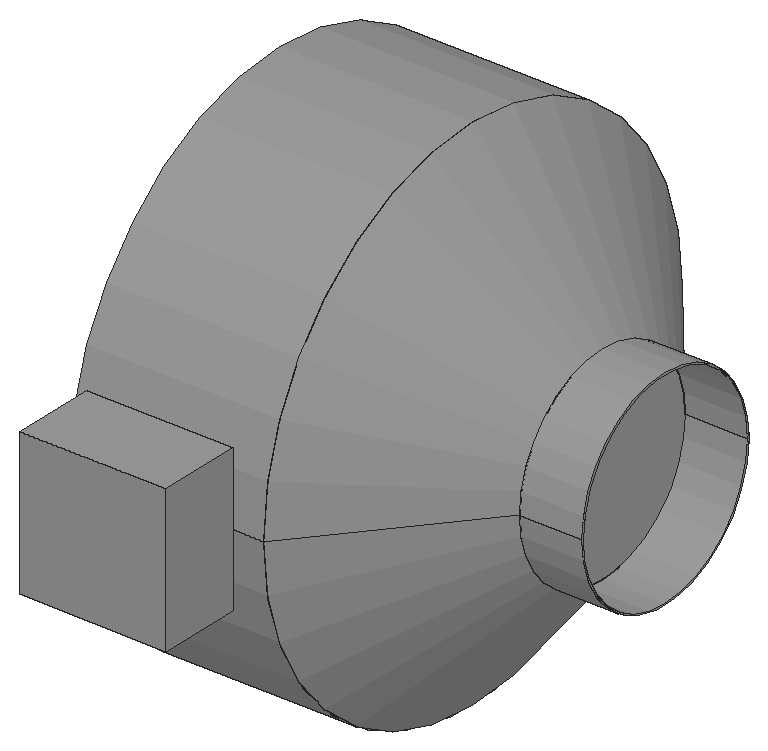
Revit family "BIMLIB_КанальныйВентилятор_CFk-MXA_CFz-MAX_TUBE_CFs_SHUFT", category Оборудование, Revit 2017
Family settings
  Размер круглого соединителя = Использовать диаметр
  Тип детали = Вставляется
  На основе рабочей плоскости = Нет
  Всегда вертикально = Да
  При загрузке вырезать с полостями = Нет
  Общий = Нет
  Точка расчета площади = Нет
Parameters (values of type "CFk 100 MAX")
  Ширина клеммной коробки = 70 mm
  Повернуть УГО [instance] = yes
  Описание = "Разъемный корпус вентиляторов серии CFk MAX изготовлен из композиционного материала с повышенными звукопоглощающими и противоударными свойствами. Вентиляторы оборудованы мотор-колесами ZIEHL-ABEGG с пластиковой или металлической крыльчаткой с загнутыми назад лопатками. Двигатель - асинхронный с внешним ротором IP44, клеммная коробка IP55. Электродвигатель с рабочим колесом статически и динамически сбалансированы в 2х плоскостях. Шариковые подшипники двигателя не требуют техобслуживания и имеют длительный срок службы. Двигатель вентилятора имеет встроенную термозащиту с автоматическим перезапуском.\r\n\r\nРегулирование скорости вентиляторов осуществляется путем изменения напряжения за счет использования пятиступенчатых трансформаторов TRE-T или однофазных плавных регуляторов скорости SRE. К одному регулятору можно подключить несколько вентиляторов при условии, что общий ток вентиляторов не превышает номинальный ток регулятора."
  Keynote = ""
  Климатическое исполнение = "У2"  # constant formula
  Клеммная коробка = yes
  Изготовитель = "ООО «Завод ВКО» марка SHUFT"  # constant formula
  Глубина клеммной коробки = 70 mm
  Model = ""
  r = R + 0.5 mm  # 50 mm
  Watermark [instance] = "Модели защищены уникальным кодом"
  URL = "http://www.shuft.ru/"
  R = D / 2  # 49.5 mm
  L = 215 mm
  IP Двигателя = "IP44"
  H = 40 mm
  R1 = D1 / 2  # 125.5 mm
  D1 = 251 mm
  D = 99 mm
  BL_Разработано = "support@bimlib.pro"  # constant formula
  BL_Email = "bimmodels@rusklimat.ru"  # constant formula
  BL_BIM library = "https://bimlib.pro/manufacturer/company/23829"
  ADSK_Частота вращения вентилятора = 2345
  ADSK_Ток = 0.29 A
  ADSK_Расход воздуха [instance] = 0.0 L/s
  ADSK_Размер_Длина = L  # 215 mm
  ADSK_Размер_Диаметр = 100 mm
  ADSK_Примечание [instance] = ""
  ADSK_Потеря давления воздуха [instance] = 0.0 Pa
  ADSK_Полная мощность = ADSK_Номинальная мощность / ADSK_Коэффициент мощности  # 0.067 kW
  ADSK_Позиция = ""
  ADSK_Обозначение = ""
  ADSK_Номинальная мощность = 0.067 kW
  ADSK_Напряжение = 230 V  # constant formula
  ADSK_Наименование = "Канальный вентилятор CFk 100 MAX"
  ADSK_Материал = BIMLIB_Сталь_SHUFT
  ADSK_Масса = 2.5
  ADSK_Марка = "CFk 100 MAX"
  ADSK_Коэффициент мощности = 1  # constant formula
  ADSK_Количество фаз = 1  # constant formula
  ADSK_Код изделия = ADSK_Марка  # "CFk 100 MAX"
  ADSK_Классификация нагрузок = Прочее
  ADSK_Завод-изготовитель = "ООО «Завод ВКО» марка SHUFT"  # constant formula
  ADSK_Единица измерения = "шт."  # constant formula
  ADSK_Версия семейства = "v.1"  # constant formula
  ADSK_Версия Revit = "2017"  # constant formula
  ADSK_URL страницы изделия = "http://www.shuft.ru/catalog/1/200/3000/100509/"
  ADSK_URL документации изделия = "http://www.shuft.ru/upload/downloads/passport-CFk-VIM_ICF-VIM_CFk-MAX.pdf"
Types (24, lengths in mm): name | Ширина клеммной коробки | Описание | Глубина клеммной коробки | r | R | L | IP Двигателя | H | R1 | D1 | D | ADSK_Частота вращения вентилятора | ADSK_Ток | ADSK_Размер_Длина | ADSK_Размер_Диаметр | ADSK_Полная мощность | ADSK_Номинальная мощность | ADSK_Наименование | ADSK_Масса | ADSK_Марка | ADSK_Код изделия | ADSK_URL страницы изделия | ADSK_URL документации изделия
  (no name) | 70 | "Разъемный корпус вентиляторов серии CFk MAX изготовлен из композиционного материала с повышенными звукопоглощающими и противоударными свойствами. Вентиляторы оборудованы мотор-колесами ZIEHL-ABEGG с пластиковой или металлической крыльчаткой с загнутыми назад лопатками. Двигатель - асинхронный с внешним ротором IP44, клеммная коробка IP55. Электродвигатель с рабочим колесом статически и динамически сбалансированы в 2х плоскостях. Шариковые подшипники двигателя не требуют техобслуживания и имеют длительный срок службы. Двигатель вентилятора имеет встроенную термозащиту с автоматическим перезапуском.\r\n\r\nРегулирование скорости вентиляторов осуществляется путем изменения напряжения за счет использования пятиступенчатых трансформаторов TRE-T или однофазных плавных регуляторов скорости SRE. К одному регулятору можно подключить несколько вентиляторов при условии, что общий ток вентиляторов не превышает номинальный ток регулятора." | 70 | 50 | 49.5 | 215 | "IP44" | 40 | 125.5 | 251 | 99 | 2345 | 0.29 A | 215 | 100 | 0.067 kW | 0.067 kW | "Канальный вентилятор CFk 100 MAX" | 2.5 | "CFk 100 MAX" | "CFk 100 MAX" | "http://www.shuft.ru/catalog/1/200/3000/100509/" | "http://www.shuft.ru/upload/downloads/passport-CFk-VIM_ICF-VIM_CFk-MAX.pdf"
  CFk 100 MAX | 70 | "Разъемный корпус вентиляторов серии CFk MAX изготовлен из композиционного материала с повышенными звукопоглощающими и противоударными свойствами. Вентиляторы оборудованы мотор-колесами ZIEHL-ABEGG с пластиковой или металлической крыльчаткой с загнутыми назад лопатками. Двигатель - асинхронный с внешним ротором IP44, клеммная коробка IP55. Электродвигатель с рабочим колесом статически и динамически сбалансированы в 2х плоскостях. Шариковые подшипники двигателя не требуют техобслуживания и имеют длительный срок службы. Двигатель вентилятора имеет встроенную термозащиту с автоматическим перезапуском.\r\n\r\nРегулирование скорости вентиляторов осуществляется путем изменения напряжения за счет использования пятиступенчатых трансформаторов TRE-T или однофазных плавных регуляторов скорости SRE. К одному регулятору можно подключить несколько вентиляторов при условии, что общий ток вентиляторов не превышает номинальный ток регулятора." | 70 | 50 | 49.5 | 215 | "IP44" | 40 | 125.5 | 251 | 99 | 2345 | 0.29 A | 215 | 100 | 0.067 kW | 0.067 kW | "Канальный вентилятор CFk 100 MAX" | 2.5 | "CFk 100 MAX" | "CFk 100 MAX" | "http://www.shuft.ru/catalog/1/200/3000/100509/" | "http://www.shuft.ru/upload/downloads/passport-CFk-VIM_ICF-VIM_CFk-MAX.pdf"
  CFk 125 MAX | 70 | "Разъемный корпус вентиляторов серии CFk MAX изготовлен из композиционного материала с повышенными звукопоглощающими и противоударными свойствами. Вентиляторы оборудованы мотор-колесами ZIEHL-ABEGG с пластиковой или металлической крыльчаткой с загнутыми назад лопатками. Двигатель - асинхронный с внешним ротором IP44, клеммная коробка IP55. Электродвигатель с рабочим колесом статически и динамически сбалансированы в 2х плоскостях. Шариковые подшипники двигателя не требуют техобслуживания и имеют длительный срок службы. Двигатель вентилятора имеет встроенную термозащиту с автоматическим перезапуском.\r\n\r\nРегулирование скорости вентиляторов осуществляется путем изменения напряжения за счет использования пятиступенчатых трансформаторов TRE-T или однофазных плавных регуляторов скорости SRE. К одному регулятору можно подключить несколько вентиляторов при условии, что общий ток вентиляторов не превышает номинальный ток регулятора." | 70 | 62.5 | 62 | 220 | "IP44" | 45 | 125.5 | 251 | 124 | 2887 | 0.32 A | 220 | 125 | 0.068 kW | 0.068 kW | "Канальный вентилятор CFk 125 MAX" | 2.5 | "CFk 125 MAX" | "CFk 125 MAX" | "http://www.shuft.ru/catalog/1/200/3000/100509/" | "http://www.shuft.ru/upload/downloads/passport-CFk-VIM_ICF-VIM_CFk-MAX.pdf"
  CFk 160 MAX | 85 | "Разъемный корпус вентиляторов серии CFk MAX изготовлен из композиционного материала с повышенными звукопоглощающими и противоударными свойствами. Вентиляторы оборудованы мотор-колесами ZIEHL-ABEGG с пластиковой или металлической крыльчаткой с загнутыми назад лопатками. Двигатель - асинхронный с внешним ротором IP44, клеммная коробка IP55. Электродвигатель с рабочим колесом статически и динамически сбалансированы в 2х плоскостях. Шариковые подшипники двигателя не требуют техобслуживания и имеют длительный срок службы. Двигатель вентилятора имеет встроенную термозащиту с автоматическим перезапуском.\r\n\r\nРегулирование скорости вентиляторов осуществляется путем изменения напряжения за счет использования пятиступенчатых трансформаторов TRE-T или однофазных плавных регуляторов скорости SRE. К одному регулятору можно подключить несколько вентиляторов при условии, что общий ток вентиляторов не превышает номинальный ток регулятора." | 85 | 80 | 79.5 | 229 | "IP44" | 45 | 172.5 | 345 | 159 | 2533 | 0.43 A | 229 | 160 | 0.1 kW | 0.1 kW | "Канальный вентилятор CFk 160 MAX" | 4.4 | "CFk 160 MAX" | "CFk 160 MAX" | "http://www.shuft.ru/catalog/1/200/3000/100509/" | "http://www.shuft.ru/upload/downloads/passport-CFk-VIM_ICF-VIM_CFk-MAX.pdf"
  CFk 200 MAX | 85 | "Разъемный корпус вентиляторов серии CFk MAX изготовлен из композиционного материала с повышенными звукопоглощающими и противоударными свойствами. Вентиляторы оборудованы мотор-колесами ZIEHL-ABEGG с пластиковой или металлической крыльчаткой с загнутыми назад лопатками. Двигатель - асинхронный с внешним ротором IP44, клеммная коробка IP55. Электродвигатель с рабочим колесом статически и динамически сбалансированы в 2х плоскостях. Шариковые подшипники двигателя не требуют техобслуживания и имеют длительный срок службы. Двигатель вентилятора имеет встроенную термозащиту с автоматическим перезапуском.\r\n\r\nРегулирование скорости вентиляторов осуществляется путем изменения напряжения за счет использования пятиступенчатых трансформаторов TRE-T или однофазных плавных регуляторов скорости SRE. К одному регулятору можно подключить несколько вентиляторов при условии, что общий ток вентиляторов не превышает номинальный ток регулятора." | 85 | 100 | 99.5 | 250 | "IP44" | 45 | 172.5 | 345 | 199 | 2642 | 0.58 A | 250 | 200 | 0.123 kW | 0.123 kW | "Канальный вентилятор CFk 200 MAX" | 4.5 | "CFk 200 MAX" | "CFk 200 MAX" | "http://www.shuft.ru/catalog/1/200/3000/100509/" | "http://www.shuft.ru/upload/downloads/passport-CFk-VIM_ICF-VIM_CFk-MAX.pdf"
  CFk 250 MAX | 85 | "Разъемный корпус вентиляторов серии CFk MAX изготовлен из композиционного материала с повышенными звукопоглощающими и противоударными свойствами. Вентиляторы оборудованы мотор-колесами ZIEHL-ABEGG с пластиковой или металлической крыльчаткой с загнутыми назад лопатками. Двигатель - асинхронный с внешним ротором IP44, клеммная коробка IP55. Электродвигатель с рабочим колесом статически и динамически сбалансированы в 2х плоскостях. Шариковые подшипники двигателя не требуют техобслуживания и имеют длительный срок службы. Двигатель вентилятора имеет встроенную термозащиту с автоматическим перезапуском.\r\n\r\nРегулирование скорости вентиляторов осуществляется путем изменения напряжения за счет использования пятиступенчатых трансформаторов TRE-T или однофазных плавных регуляторов скорости SRE. К одному регулятору можно подключить несколько вентиляторов при условии, что общий ток вентиляторов не превышает номинальный ток регулятора." | 85 | 125 | 124.5 | 250 | "IP44" | 45 | 172.5 | 345 | 249 | 2580 | 0.75 A | 250 | 250 | 0.172 kW | 0.172 kW | "Канальный вентилятор CFk 250 MAX" | 5.3 | "CFk 250 MAX" | "CFk 250 MAX" | "http://www.shuft.ru/catalog/1/200/3000/100509/" | "http://www.shuft.ru/upload/downloads/passport-CFk-VIM_ICF-VIM_CFk-MAX.pdf"
  CFk 315 MAX | 85 | "Разъемный корпус вентиляторов серии CFk MAX изготовлен из композиционного материала с повышенными звукопоглощающими и противоударными свойствами. Вентиляторы оборудованы мотор-колесами ZIEHL-ABEGG с пластиковой или металлической крыльчаткой с загнутыми назад лопатками. Двигатель - асинхронный с внешним ротором IP44, клеммная коробка IP55. Электродвигатель с рабочим колесом статически и динамически сбалансированы в 2х плоскостях. Шариковые подшипники двигателя не требуют техобслуживания и имеют длительный срок службы. Двигатель вентилятора имеет встроенную термозащиту с автоматическим перезапуском.\r\n\r\nРегулирование скорости вентиляторов осуществляется путем изменения напряжения за счет использования пятиступенчатых трансформаторов TRE-T или однофазных плавных регуляторов скорости SRE. К одному регулятору можно подключить несколько вентиляторов при условии, что общий ток вентиляторов не превышает номинальный ток регулятора." | 85 | 157.5 | 157 | 284 | "IP44" | 45 | 202.5 | 405 | 314 | 2402 | 1.13 A | 284 | 315 | 0.258 kW | 0.258 kW | "Канальный вентилятор CFk 315 MAX" | 5.8 | "CFk 315 MAX" | "CFk 315 MAX" | "http://www.shuft.ru/catalog/1/200/3000/100509/" | "http://www.shuft.ru/upload/downloads/passport-CFk-VIM_ICF-VIM_CFk-MAX.pdf"
  CFz 100 MAX | 70 | "Назначение: Вытяжная и приточная вентиляция. Применение: Помещения бытового, общественного административного, промышленного назначения. Конструкция и материалы: Разъемный корпус из оцинкованной стали; Крыльчатка с загнутыми назад лопатками; Двигатели с внешним ротором; Электродвигатель с рабочим колесом статически и динамически сбалансированы в двух плоскостях; Шариковые подшипники двигателя не требуют специального обслуживания. Регулирование производительности: по сигналу 0-10В; установка скорости встроенным триммером или с помощью внешнего регулятора(опция). Монтаж: В любом положении. Преимущества: Энергоэффективный EC-двигатель Ziehl-Abegg; Встроенный триммер установки скорости; Стойкий к коррозии стальной корпус изготовлен по технологии ротационной вытяжки; Вентилятор, подключенный к воздуховоду, может быть установлен снаружи или во влажном помещении." | 70 | 50 | 49.5 | 215 | "IP54" | 45 | 125.5 | 251 | 99 | 3570 | 0.9 A | 215 | 100 | 0.09 kW | 0.09 kW | "Канальный вентилятор CFz 100 MAX" | 3.1 | "CFz 100 MAX" | "CFz 100 MAX" | "http://www.shuft.ru/catalog/1/200/3000/101660/" | "http://www.shuft.ru/documentation/"
  TUBE 100XL | 70 | "Стойкий к коррозии стальной корпус вентиляторов серии TUBE изготовлен по технологии ротационной вытяжки. Вентиляторы оборудованы высокоэффективной крыльчаткой с назад загнутыми лопатками и асинхронным двигателем с внешним ротором IP44, клеммная коробка IP44. Рабочее колесо установлено методом напрессовки непосредственно на ротор электродвигателя. Электродвигатель с рабочим колесом статически и динамически сбалансированы. Шариковые подшипники двигателя не требуют техобслуживания. Двигатели имеют встроенное термореле с автоматическим перезапуском. Регулирование скорости вентиляторов осуществляется путем изменения напряжения за счет использования пятиступенчатых трансформаторов TR или однофазных палвных регуляторов скорости SRE. К одному регулятору можно подключить несколько вентиляторов при условии, что общий ток вентиляторов не превышает номинальный ток регулятора." | 70 | 50 | 49.5 | 215 | "IP44" | 45 | 125.5 | 251 | 99 | 2380 | 0.26 A | 215 | 100 | 0.059 kW | 0.059 kW | "Канальный вентилятор TUBE 100XL" | 3.2 | "TUBE 100XL" | "TUBE 100XL" | "http://www.shuft.ru/catalog/1/200/3000/4002/" | "http://www.shuft.ru/upload/downloads/passport-CFs_TUBE_CFk-VIM_CFk%20MAX_ICF-VIM.pdf"
  CFs 100S | 70 | "Корпус вентиляторов серии CFs изготовлен из холоднокатаной стали с защитным покрытием. Вентиляторы оборудованы мотор-колесами ZIEHL-ABEGG с пластиковой или металлической крыльчаткой с загнутыми назад лопатками. Двигатель - асинхронный с внешним ротором IP44, клеммная коробка IP55. Электродвигатель с рабочим колесом статически и динамически сбалансированы в 2х плоскостях. Шариковые подшипники двигателя не требуют техобслуживания и имеют длительный срок службы. Двигатель вентилятора имеет встроеннуютермозащиту с автоматическим перезапуском.\r\n\r\nРегулирование скорости вентиляторов осуществляется путем изменения напряжения за счет использования пятиступенчатых трансформаторов TRE-T или однофазных плавных регуляторов скорости SRE. К одному регулятору можно подключить несколько вентиляторов при условии, что общий ток вентиляторов не превышает номинальный ток регулятора." | 70 | 50 | 49.5 | 215 | "IP44" | 45 | 125.5 | 251 | 99 | 2345 | 0.29 A | 215 | 100 | 0.067 kW | 0.067 kW | "Канальный вентилятор CFs 100S" | 3 | "CFs 100S" | "CFs 100S" | "http://www.shuft.ru/catalog/1/200/3000/4001/" | "http://www.shuft.ru/upload/downloads/passport-CFs_TUBE_CFk-VIM_CFk%20MAX_ICF-VIM.pdf"
  CFz 125 MAX | 70 | "Назначение: Вытяжная и приточная вентиляция. Применение: Помещения бытового, общественного административного, промышленного назначения. Конструкция и материалы: Разъемный корпус из оцинкованной стали; Крыльчатка с загнутыми назад лопатками; Двигатели с внешним ротором; Электродвигатель с рабочим колесом статически и динамически сбалансированы в двух плоскостях; Шариковые подшипники двигателя не требуют специального обслуживания. Регулирование производительности: по сигналу 0-10В; установка скорости встроенным триммером или с помощью внешнего регулятора(опция). Монтаж: В любом положении. Преимущества: Энергоэффективный EC-двигатель Ziehl-Abegg; Встроенный триммер установки скорости; Стойкий к коррозии стальной корпус изготовлен по технологии ротационной вытяжки; Вентилятор, подключенный к воздуховоду, может быть установлен снаружи или во влажном помещении." | 70 | 62.5 | 62 | 220 | "IP54" | 45 | 125.5 | 251 | 124 | 3240 | 0.9 A | 220 | 125 | 0.09 kW | 0.09 kW | "Канальный вентилятор CFz 125 MAX" | 3.2 | "CFz 125 MAX" | "CFz 125 MAX" | "http://www.shuft.ru/catalog/1/200/3000/101660/" | "http://www.shuft.ru/documentation/"
  TUBE 125XL | 70 | "Стойкий к коррозии стальной корпус вентиляторов серии TUBE изготовлен по технологии ротационной вытяжки. Вентиляторы оборудованы высокоэффективной крыльчаткой с назад загнутыми лопатками и асинхронным двигателем с внешним ротором IP44, клеммная коробка IP44. Рабочее колесо установлено методом напрессовки непосредственно на ротор электродвигателя. Электродвигатель с рабочим колесом статически и динамически сбалансированы. Шариковые подшипники двигателя не требуют техобслуживания. Двигатели имеют встроенное термореле с автоматическим перезапуском. Регулирование скорости вентиляторов осуществляется путем изменения напряжения за счет использования пятиступенчатых трансформаторов TR или однофазных палвных регуляторов скорости SRE. К одному регулятору можно подключить несколько вентиляторов при условии, что общий ток вентиляторов не превышает номинальный ток регулятора." | 70 | 62.5 | 62 | 220 | "IP44" | 45 | 125.5 | 251 | 124 | 2380 | 0.26 A | 220 | 125 | 0.059 kW | 0.059 kW | "Канальный вентилятор TUBE 125XL" | 3.3 | "TUBE 125XL" | "TUBE 125XL" | "http://www.shuft.ru/catalog/1/200/3000/4002/" | "http://www.shuft.ru/upload/downloads/passport-CFs_TUBE_CFk-VIM_CFk%20MAX_ICF-VIM.pdf"
  CFs 125S | 70 | "Корпус вентиляторов серии CFs изготовлен из холоднокатаной стали с защитным покрытием. Вентиляторы оборудованы мотор-колесами ZIEHL-ABEGG с пластиковой или металлической крыльчаткой с загнутыми назад лопатками. Двигатель - асинхронный с внешним ротором IP44, клеммная коробка IP55. Электродвигатель с рабочим колесом статически и динамически сбалансированы в 2х плоскостях. Шариковые подшипники двигателя не требуют техобслуживания и имеют длительный срок службы. Двигатель вентилятора имеет встроеннуютермозащиту с автоматическим перезапуском.\r\n\r\nРегулирование скорости вентиляторов осуществляется путем изменения напряжения за счет использования пятиступенчатых трансформаторов TRE-T или однофазных плавных регуляторов скорости SRE. К одному регулятору можно подключить несколько вентиляторов при условии, что общий ток вентиляторов не превышает номинальный ток регулятора." | 70 | 62.5 | 62 | 220 | "IP44" | 45 | 125.5 | 251 | 124 | 2887 | 0.32 A | 220 | 125 | 0.068 kW | 0.068 kW | "Канальный вентилятор CFs 125S" | 3 | "CFs 125S" | "CFs 125S" | "http://www.shuft.ru/catalog/1/200/3000/4001/" | "http://www.shuft.ru/upload/downloads/passport-CFs_TUBE_CFk-VIM_CFk%20MAX_ICF-VIM.pdf"
  CFz 160 MAX | 85 | "Назначение: Вытяжная и приточная вентиляция. Применение: Помещения бытового, общественного административного, промышленного назначения. Конструкция и материалы: Разъемный корпус из оцинкованной стали; Крыльчатка с загнутыми назад лопатками; Двигатели с внешним ротором; Электродвигатель с рабочим колесом статически и динамически сбалансированы в двух плоскостях; Шариковые подшипники двигателя не требуют специального обслуживания. Регулирование производительности: по сигналу 0-10В; установка скорости встроенным триммером или с помощью внешнего регулятора(опция). Монтаж: В любом положении. Преимущества: Энергоэффективный EC-двигатель Ziehl-Abegg; Встроенный триммер установки скорости; Стойкий к коррозии стальной корпус изготовлен по технологии ротационной вытяжки; Вентилятор, подключенный к воздуховоду, может быть установлен снаружи или во влажном помещении." | 85 | 80 | 79.5 | 229 | "IP54" | 45 | 172.5 | 345 | 159 | 3415 | 1.7 A | 229 | 160 | 0.17 kW | 0.17 kW | "Канальный вентилятор CFz 160 MAX" | 4.2 | "CFz 160 MAX" | "CFz 160 MAX" | "http://www.shuft.ru/catalog/1/200/3000/101660/" | "http://www.shuft.ru/documentation/"
  TUBE 160XL | 85 | "Стойкий к коррозии стальной корпус вентиляторов серии TUBE изготовлен по технологии ротационной вытяжки. Вентиляторы оборудованы высокоэффективной крыльчаткой с назад загнутыми лопатками и асинхронным двигателем с внешним ротором IP44, клеммная коробка IP44. Рабочее колесо установлено методом напрессовки непосредственно на ротор электродвигателя. Электродвигатель с рабочим колесом статически и динамически сбалансированы. Шариковые подшипники двигателя не требуют техобслуживания. Двигатели имеют встроенное термореле с автоматическим перезапуском. Регулирование скорости вентиляторов осуществляется путем изменения напряжения за счет использования пятиступенчатых трансформаторов TR или однофазных палвных регуляторов скорости SRE. К одному регулятору можно подключить несколько вентиляторов при условии, что общий ток вентиляторов не превышает номинальный ток регулятора." | 85 | 80 | 79.5 | 229 | "IP44" | 45 | 172.5 | 345 | 159 | 2500 | 0.37 A | 229 | 160 | 0.085 kW | 0.085 kW | "Канальный вентилятор TUBE 160XL" | 4.5 | "TUBE 160XL" | "TUBE 160XL" | "http://www.shuft.ru/catalog/1/200/3000/4002/" | "http://www.shuft.ru/upload/downloads/passport-CFs_TUBE_CFk-VIM_CFk%20MAX_ICF-VIM.pdf"
  CFs 160S | 85 | "Корпус вентиляторов серии CFs изготовлен из холоднокатаной стали с защитным покрытием. Вентиляторы оборудованы мотор-колесами ZIEHL-ABEGG с пластиковой или металлической крыльчаткой с загнутыми назад лопатками. Двигатель - асинхронный с внешним ротором IP44, клеммная коробка IP55. Электродвигатель с рабочим колесом статически и динамически сбалансированы в 2х плоскостях. Шариковые подшипники двигателя не требуют техобслуживания и имеют длительный срок службы. Двигатель вентилятора имеет встроеннуютермозащиту с автоматическим перезапуском.\r\n\r\nРегулирование скорости вентиляторов осуществляется путем изменения напряжения за счет использования пятиступенчатых трансформаторов TRE-T или однофазных плавных регуляторов скорости SRE. К одному регулятору можно подключить несколько вентиляторов при условии, что общий ток вентиляторов не превышает номинальный ток регулятора." | 85 | 80 | 79.5 | 229 | "IP44" | 45 | 172.5 | 345 | 159 | 2533 | 0.43 A | 229 | 160 | 0.1 kW | 0.1 kW | "Канальный вентилятор CFs 160S" | 4 | "CFs 160S" | "CFs 160S" | "http://www.shuft.ru/catalog/1/200/3000/4001/" | "http://www.shuft.ru/upload/downloads/passport-CFs_TUBE_CFk-VIM_CFk%20MAX_ICF-VIM.pdf"
  CFz 200 MAX | 85 | "Назначение: Вытяжная и приточная вентиляция. Применение: Помещения бытового, общественного административного, промышленного назначения. Конструкция и материалы: Разъемный корпус из оцинкованной стали; Крыльчатка с загнутыми назад лопатками; Двигатели с внешним ротором; Электродвигатель с рабочим колесом статически и динамически сбалансированы в двух плоскостях; Шариковые подшипники двигателя не требуют специального обслуживания. Регулирование производительности: по сигналу 0-10В; установка скорости встроенным триммером или с помощью внешнего регулятора(опция). Монтаж: В любом положении. Преимущества: Энергоэффективный EC-двигатель Ziehl-Abegg; Встроенный триммер установки скорости; Стойкий к коррозии стальной корпус изготовлен по технологии ротационной вытяжки; Вентилятор, подключенный к воздуховоду, может быть установлен снаружи или во влажном помещении." | 85 | 100 | 99.5 | 250 | "IP54" | 45 | 172.5 | 345 | 199 | 2975 | 1.75 A | 250 | 200 | 0.17 kW | 0.17 kW | "Канальный вентилятор CFz 200 MAX" | 4.5 | "CFz 200 MAX" | "CFz 200 MAX" | "http://www.shuft.ru/catalog/1/200/3000/101660/" | "http://www.shuft.ru/documentation/"
  TUBE 200XL | 85 | "Стойкий к коррозии стальной корпус вентиляторов серии TUBE изготовлен по технологии ротационной вытяжки. Вентиляторы оборудованы высокоэффективной крыльчаткой с назад загнутыми лопатками и асинхронным двигателем с внешним ротором IP44, клеммная коробка IP44. Рабочее колесо установлено методом напрессовки непосредственно на ротор электродвигателя. Электродвигатель с рабочим колесом статически и динамически сбалансированы. Шариковые подшипники двигателя не требуют техобслуживания. Двигатели имеют встроенное термореле с автоматическим перезапуском. Регулирование скорости вентиляторов осуществляется путем изменения напряжения за счет использования пятиступенчатых трансформаторов TR или однофазных палвных регуляторов скорости SRE. К одному регулятору можно подключить несколько вентиляторов при условии, что общий ток вентиляторов не превышает номинальный ток регулятора." | 85 | 100 | 99.5 | 250 | "IP44" | 45 | 172.5 | 345 | 199 | 2640 | 0.67 A | 250 | 200 | 0.148 kW | 0.148 kW | "Канальный вентилятор TUBE 200XL" | 5.3 | "TUBE 200XL" | "TUBE 200XL" | "http://www.shuft.ru/catalog/1/200/3000/4002/" | "http://www.shuft.ru/upload/downloads/passport-CFs_TUBE_CFk-VIM_CFk%20MAX_ICF-VIM.pdf"
  CFs 200S | 85 | "Корпус вентиляторов серии CFs изготовлен из холоднокатаной стали с защитным покрытием. Вентиляторы оборудованы мотор-колесами ZIEHL-ABEGG с пластиковой или металлической крыльчаткой с загнутыми назад лопатками. Двигатель - асинхронный с внешним ротором IP44, клеммная коробка IP55. Электродвигатель с рабочим колесом статически и динамически сбалансированы в 2х плоскостях. Шариковые подшипники двигателя не требуют техобслуживания и имеют длительный срок службы. Двигатель вентилятора имеет встроеннуютермозащиту с автоматическим перезапуском.\r\n\r\nРегулирование скорости вентиляторов осуществляется путем изменения напряжения за счет использования пятиступенчатых трансформаторов TRE-T или однофазных плавных регуляторов скорости SRE. К одному регулятору можно подключить несколько вентиляторов при условии, что общий ток вентиляторов не превышает номинальный ток регулятора." | 85 | 100 | 99.5 | 250 | "IP44" | 45 | 172.5 | 345 | 199 | 2642 | 0.58 A | 250 | 200 | 0.123 kW | 0.123 kW | "Канальный вентилятор CFs 200S" | 0 | "CFs 200S" | "CFs 200S" | "http://www.shuft.ru/catalog/1/200/3000/4001/" | "http://www.shuft.ru/upload/downloads/passport-CFs_TUBE_CFk-VIM_CFk%20MAX_ICF-VIM.pdf"
  CFz 250 MAX | 85 | "Назначение: Вытяжная и приточная вентиляция. Применение: Помещения бытового, общественного административного, промышленного назначения. Конструкция и материалы: Разъемный корпус из оцинкованной стали; Крыльчатка с загнутыми назад лопатками; Двигатели с внешним ротором; Электродвигатель с рабочим колесом статически и динамически сбалансированы в двух плоскостях; Шариковые подшипники двигателя не требуют специального обслуживания. Регулирование производительности: по сигналу 0-10В; установка скорости встроенным триммером или с помощью внешнего регулятора(опция). Монтаж: В любом положении. Преимущества: Энергоэффективный EC-двигатель Ziehl-Abegg; Встроенный триммер установки скорости; Стойкий к коррозии стальной корпус изготовлен по технологии ротационной вытяжки; Вентилятор, подключенный к воздуховоду, может быть установлен снаружи или во влажном помещении." | 85 | 125 | 124.5 | 250 | "IP54" | 45 | 172.5 | 345 | 249 | 2625 | 1.65 A | 250 | 250 | 0.17 kW | 0.17 kW | "Канальный вентилятор CFz 250 MAX" | 4.8 | "CFz 250 MAX" | "CFz 250 MAX" | "http://www.shuft.ru/catalog/1/200/3000/101660/" | "http://www.shuft.ru/documentation/"
  TUBE 250XL | 85 | "Стойкий к коррозии стальной корпус вентиляторов серии TUBE изготовлен по технологии ротационной вытяжки. Вентиляторы оборудованы высокоэффективной крыльчаткой с назад загнутыми лопатками и асинхронным двигателем с внешним ротором IP44, клеммная коробка IP44. Рабочее колесо установлено методом напрессовки непосредственно на ротор электродвигателя. Электродвигатель с рабочим колесом статически и динамически сбалансированы. Шариковые подшипники двигателя не требуют техобслуживания. Двигатели имеют встроенное термореле с автоматическим перезапуском. Регулирование скорости вентиляторов осуществляется путем изменения напряжения за счет использования пятиступенчатых трансформаторов TR или однофазных палвных регуляторов скорости SRE. К одному регулятору можно подключить несколько вентиляторов при условии, что общий ток вентиляторов не превышает номинальный ток регулятора." | 85 | 125 | 124.5 | 250 | "IP44" | 45 | 172.5 | 345 | 249 | 2440 | 0.67 A | 250 | 250 | 0.154 kW | 0.154 kW | "Канальный вентилятор TUBE 250XL" | 5.3 | "TUBE 250XL" | "TUBE 250XL" | "http://www.shuft.ru/catalog/1/200/3000/4002/" | "http://www.shuft.ru/upload/downloads/passport-CFs_TUBE_CFk-VIM_CFk%20MAX_ICF-VIM.pdf"
  CFs 250S | 85 | "Корпус вентиляторов серии CFs изготовлен из холоднокатаной стали с защитным покрытием. Вентиляторы оборудованы мотор-колесами ZIEHL-ABEGG с пластиковой или металлической крыльчаткой с загнутыми назад лопатками. Двигатель - асинхронный с внешним ротором IP44, клеммная коробка IP55. Электродвигатель с рабочим колесом статически и динамически сбалансированы в 2х плоскостях. Шариковые подшипники двигателя не требуют техобслуживания и имеют длительный срок службы. Двигатель вентилятора имеет встроеннуютермозащиту с автоматическим перезапуском.\r\n\r\nРегулирование скорости вентиляторов осуществляется путем изменения напряжения за счет использования пятиступенчатых трансформаторов TRE-T или однофазных плавных регуляторов скорости SRE. К одному регулятору можно подключить несколько вентиляторов при условии, что общий ток вентиляторов не превышает номинальный ток регулятора." | 85 | 125 | 124.5 | 250 | "IP44" | 45 | 172.5 | 345 | 249 | 2580 | 0.75 A | 250 | 250 | 0.172 kW | 0.172 kW | "Канальный вентилятор CFs 250S" | 0 | "CFs 250S" | "CFs 250S" | "http://www.shuft.ru/catalog/1/200/3000/4001/" | "http://www.shuft.ru/upload/downloads/passport-CFs_TUBE_CFk-VIM_CFk%20MAX_ICF-VIM.pdf"
  TUBE 315XL | 85 | "Стойкий к коррозии стальной корпус вентиляторов серии TUBE изготовлен по технологии ротационной вытяжки. Вентиляторы оборудованы высокоэффективной крыльчаткой с назад загнутыми лопатками и асинхронным двигателем с внешним ротором IP44, клеммная коробка IP44. Рабочее колесо установлено методом напрессовки непосредственно на ротор электродвигателя. Электродвигатель с рабочим колесом статически и динамически сбалансированы. Шариковые подшипники двигателя не требуют техобслуживания. Двигатели имеют встроенное термореле с автоматическим перезапуском. Регулирование скорости вентиляторов осуществляется путем изменения напряжения за счет использования пятиступенчатых трансформаторов TR или однофазных палвных регуляторов скорости SRE. К одному регулятору можно подключить несколько вентиляторов при условии, что общий ток вентиляторов не превышает номинальный ток регулятора." | 85 | 157.5 | 157 | 284 | "IP44" | 45 | 202.5 | 405 | 314 | 2500 | 0.9 A | 284 | 315 | 0.2 kW | 0.2 kW | "Канальный вентилятор TUBE 315XL" | 6.9 | "TUBE 315XL" | "TUBE 315XL" | "http://www.shuft.ru/catalog/1/200/3000/4002/" | "http://www.shuft.ru/upload/downloads/passport-CFs_TUBE_CFk-VIM_CFk%20MAX_ICF-VIM.pdf"
  CFs 315S | 85 | "Корпус вентиляторов серии CFs изготовлен из холоднокатаной стали с защитным покрытием. Вентиляторы оборудованы мотор-колесами ZIEHL-ABEGG с пластиковой или металлической крыльчаткой с загнутыми назад лопатками. Двигатель - асинхронный с внешним ротором IP44, клеммная коробка IP55. Электродвигатель с рабочим колесом статически и динамически сбалансированы в 2х плоскостях. Шариковые подшипники двигателя не требуют техобслуживания и имеют длительный срок службы. Двигатель вентилятора имеет встроеннуютермозащиту с автоматическим перезапуском.\r\n\r\nРегулирование скорости вентиляторов осуществляется путем изменения напряжения за счет использования пятиступенчатых трансформаторов TRE-T или однофазных плавных регуляторов скорости SRE. К одному регулятору можно подключить несколько вентиляторов при условии, что общий ток вентиляторов не превышает номинальный ток регулятора." | 85 | 157.5 | 157 | 284 | "IP44" | 45 | 202.5 | 405 | 314 | 2402 | 1.13 A | 284 | 315 | 0.258 kW | 0.258 kW | "Канальный вентилятор CFs 315S" | 0 | "CFs 315S" | "CFs 315S" | "http://www.shuft.ru/catalog/1/200/3000/4001/" | "http://www.shuft.ru/upload/downloads/passport-CFs_TUBE_CFk-VIM_CFk%20MAX_ICF-VIM.pdf"
Reference planes
  plane 1 "По центру (Вперед/Назад)": y = 0
  plane 2: z = 0
  plane 3 "По центру (Влево/Вправо)": x = 0
  plane 4: x = 107.5
  plane 5: x = -107.5
  plane 6: x = -77.5
  plane 7: x = 77.5
  plane 8: y = -125.5
  plane 9: y = -165.5
  plane 10: x = -70
  plane 11: z = 35
  plane 12: z = -35
Forms (mm)
  Extrusion 1, solid, material "BIMLIB_Сталь_SHUFT" <- "ADSK_Материал", detail levels medium+fine
    sketch origin (0, 0, 0) x (0, 1, 0) y (0, 0, 1)
      loop
        circle (0, 0) r 49.5
      loop
        circle (0, 0) r 50
    from -107.5 to -77.5
  Extrusion 2, solid, material "BIMLIB_Сталь_SHUFT" <- "ADSK_Материал", detail levels medium+fine
    sketch origin (0, 0, 0) x (0, 1, 0) y (0, 0, -1)
      loop
        circle (0, 0) r 49.5
      loop
        circle (0, 0) r 50
    from -107.5 to -77.5
  Extrusion 3, solid, material "BIMLIB_Сталь_SHUFT" <- "ADSK_Материал", detail levels medium+fine
    sketch origin (0, 0, 0) x (0, 1, 0) y (0, 0, 1)
      loop
        circle (0, 0) r 125.5
    from -77.5 to 15
  Blend 4, solid, material "BIMLIB_Сталь_SHUFT" <- "ADSK_Материал", detail levels medium+fine
    base sketch origin (0, 0, 0) x (0, 1, 0) y (0, 0, 1)
      loop
        circle (0, 0) r 125.5
    top sketch origin (0, 0, 0) x (0, 1, 0) y (0, 0, 1)
      loop
        circle (0, 0) r 49.5
    from 15 to 77.5
  Extrusion 5, solid, material "BIMLIB_Сталь_SHUFT" <- "ADSK_Материал", detail levels medium+fine
    sketch origin (0, 0, 0) x (1, 0, 0) y (0, 1, 0)
      loop
        line (-70, -125.5) -> (-70, -165.5) -> (0, -165.5) -> (0, -125.5) -> (-70, -125.5)
    from -35 to 35
Dimensions and locks
  "L": plane 4 to plane 5
  equal spacing: plane 4, plane 3 "По центру (Влево/Вправо)", plane 5
  locked: plane 6 to plane 5 at 30
  locked: plane 4 to plane 7 at 30
  "R1": plane 1 "По центру (Вперед/Назад)" to plane 8
  "H": plane 8 to plane 9
  "Глубина клеммной коробки": plane 3 "По центру (Влево/Вправо)" to plane 10
  "Ширина клеммной коробки": plane 11 to plane 12
  equal spacing: plane 11, level, plane 12
  "R": radius of Extrusion 1 sketch curve
  "r": radius of Extrusion 1 sketch curve
  "R": radius of Extrusion 2 sketch curve
  "r": radius of Extrusion 2 sketch curve
  "R1": radius of Extrusion 3 sketch curve
  "R1": radius of Blend 4 sketch curve
  "R": radius of Blend 4 sketch curve
  aligned and locked: level to plane 2
  aligned and locked: Extrusion 1 to plane 5
  aligned and locked: plane 6 to Extrusion 1
  aligned and locked: plane 4 to Extrusion 2
  aligned and locked: Extrusion 2 to plane 7
  aligned and locked: Extrusion 3 to plane 6
  aligned and locked: Blend 4 to Extrusion 3
  aligned and locked: plane 7 to Blend 4
  aligned and locked: Extrusion 5 sketch curve to plane 3 "По центру (Влево/Вправо)"
  aligned and locked: Extrusion 5 to plane 10
  aligned and locked: plane 7 to nested 1
  aligned and locked: plane 6 to nested 1
  aligned and locked: Extrusion 5 to plane 11
  aligned and locked: plane 12 to Extrusion 5
Automatic sketch dimensions
  Extrusion 5 sketch curve to plane 9 = 0 mm
  Extrusion 5 sketch curve to plane 8 = 0 mm
  plane 6 to Extrusion 5 sketch curve = 7.5 mm
  Extrusion 1 sketch curve to Extrusion 1 sketch curve = 0 mm  (x2)
  Extrusion 1 sketch curve to level = 0 mm
  Extrusion 1 sketch curve to plane 1 "По центру (Вперед/Назад)" = 0 mm
  Extrusion 2 sketch curve to Extrusion 2 sketch curve = 0 mm  (x2)
  Extrusion 2 sketch curve to level = 0 mm
  Extrusion 2 sketch curve to plane 1 "По центру (Вперед/Назад)" = 0 mm
  Extrusion 3 sketch curve to level = 0 mm
  Extrusion 3 sketch curve to plane 1 "По центру (Вперед/Назад)" = 0 mm
  Blend 4 sketch curve to level = 0 mm  (x2)
  Blend 4 sketch curve to plane 1 "По центру (Вперед/Назад)" = 0 mm  (x2)
Nested families
  nested 1: "BIMLIB_УГО_SHUFT" at (0, 0, 0), УГО сверху <- "Повернуть УГО", Ширина <- "D1", type "BIMLIB_УГО_SHUFT", detail levels coarse
    with Ширина/4 62.75 mm, Ширина 251 mm, УГО спереди no, УГО сверху yes, Длина 155 mm, Высота/4 62.75 mm, Высота УГО 3д План 126 mm, Высота 251 mm
Connectors
  hvac at (-77.5, 0, 0), driven by "ADSK_Размер_Диаметр", driven by "ADSK_Расход воздуха", driven by "ADSK_Потеря давления воздуха"
    settings: on Extrusion 1, index 1, duct flow 0.0 L/s, flow factor 0, pres drop 0.0 Pa, loss coef 0, conn angle 0.00°, conn width 304.8 mm, conn height 304.8 mm, conn diameter 100 mm, duct sys type 29, conn prof type 0, flow config 0, flow direction 2, loss method 0, conn ref index 2, conn util no, is conn primary yes, conn desc "Наружный воздух"
  hvac at (77.5, 0, 0), driven by "ADSK_Размер_Диаметр", driven by "ADSK_Расход воздуха", driven by "ADSK_Потеря давления воздуха"
    settings: on Extrusion 2, index 2, duct flow 0.0 L/s, flow factor 0, pres drop 0.0 Pa, loss coef 0, conn angle 0.00°, conn width 304.8 mm, conn height 304.8 mm, conn diameter 100 mm, duct sys type 29, conn prof type 0, flow config 0, flow direction 1, loss method 0, conn ref index 1, conn util no, is conn primary no, conn desc "Приточный воздух"
  electrical at (-35, -165.5, 0), driven by "ADSK_Количество фаз", driven by "ADSK_Напряжение", driven by "ADSK_Номинальная мощность", driven by "ADSK_Коэффициент мощности", driven by "ADSK_Классификация нагрузок"
    settings: on Extrusion 5, index 3, voltage 230 V, apparent load 0.067 kW, apparent load phase1 0 kW, apparent load phase2 0 kW, apparent load phase3 0 kW, power factor 1, load classification "Прочее", number of poles 1, system type 30, power factor state 1, is connector primary yes, connector utility no, sub classification motor no, connector description "Электрический соединитель"
Definition of nested family "BIMLIB_УГО_SHUFT"
  Parameters (values of type "BIMLIB_УГО_SHUFT")
    Ширина/4 [instance] = Ширина / 4  # 105 mm
    Ширина [instance] = 420 mm
    УГО спереди [instance] = not(УГО сверху)  # no
    УГО сверху [instance] = yes
    Высота/4 [instance] = Высота / 4  # 63 mm
    Длина [instance] = 810 mm
    Высота УГО 3д План [instance] = 126 mm
    Высота 1 = 252 mm
    Высота [instance] = 252 mm
  Reference planes
    plane 1 "По центру (Вперед/Назад)": y = 0
    plane 2: z = 0
    plane 3 "По центру (Влево/Вправо)": x = 0
    plane 4: x = -405
    plane 5: x = 405
    plane 6: y = 210
    plane 7: y = -210
    plane 8: z = 126
    plane 9: z = 63
    plane 10: y = 105
    plane 11: y = -105
    plane 12 "УГО": z = 126
    plane 13: z = -63
    plane 14: z = -126
  Lines and regions (mm)
    model lines, visible <- "УГО спереди", detail levels coarse
      curve 1: line (-405, 0, 126) -> (-405, 0, -126)
      curve 2: line (-405, 0, -126) -> (405, 0, -126)
      curve 3: line (405, 0, -126) -> (405, 0, 126)
      curve 4: line (405, 0, 126) -> (-405, 0, 126)
      curve 20: line (-17.124, 0, -46.976) -> (-17.124, 0, 46.976)
      curve 21: line (-17.124, 0, 46.976) -> (50, 0, 0)
      curve 22: circle (0, 0, 0) r 50 normal (0, -1, 0)
      curve 23: line (50, 0, 0) -> (-17.124, 0, -46.976)
    model lines, visible <- "УГО сверху", detail levels coarse
      curve 5: line (-405, 210, 0) -> (-405, -210, 0)
      curve 6: line (-405, -210, 0) -> (405, -210, 0)
      curve 7: line (405, -210, 0) -> (405, 210, 0)
      curve 8: line (405, 210, 0) -> (-405, 210, 0)
      curve 9: line (-38.707, 60.625, 0) -> (71.928, 0, 0)
      curve 10: line (71.928, 0, 0) -> (-38.707, -60.625, 0)
      curve 11: line (-38.707, -60.625, 0) -> (-38.707, 60.625, 0)
      curve 24: circle (0, 0, 0) r 71.928 normal (0, 0, 1)
    symbolic lines, detail levels coarse
      curve 12: line (-405, 0, 126) -> (-405, 0, -126)
      curve 13: line (-405, 0, -126) -> (405, 0, -126)
      curve 14: line (405, 0, -126) -> (405, 0, 126)
      curve 15: line (405, 0, 126) -> (-405, 0, 126)
      curve 16: line (-405, 210, 0) -> (-405, -210, 0)
      curve 17: line (-405, -210, 0) -> (405, -210, 0)
      curve 18: line (405, -210, 0) -> (405, 210, 0)
      curve 19: line (405, 210, 0) -> (-405, 210, 0)
      curve 25: circle (0, 0, 0) r 71.928 normal (0, 0, 1)
      curve 26: line (-38.707, 60.625, 0) -> (-38.707, -60.625, 0)
      curve 27: line (-38.707, -60.625, 0) -> (71.928, 0, 0)
      curve 28: line (71.928, 0, 0) -> (-38.707, 60.625, 0)
      curve 29: circle (0, 0, 0) r 50 normal (0, -1, 0)
      curve 30: line (50, 0, 0) -> (-17.101, 0, 46.985)
      curve 31: line (-17.101, 0, 46.985) -> (-17.101, 0, -46.985)
      curve 32: line (50, 0, 0) -> (-17.101, 0, -46.985)
  Dimensions and locks
    equal spacing: plane 4, plane 3 "По центру (Влево/Вправо)", plane 5
    "Длина": plane 4 to plane 5
    "Ширина": plane 7 to plane 6
    equal spacing: plane 6, plane 10, plane 1 "По центру (Вперед/Назад)", plane 11, plane 7
    "Высота": plane 12 "УГО" to plane 14
    equal spacing: plane 12 "УГО", plane 9, level, plane 13, plane 14
    aligned and locked: level to plane 2
    aligned and locked: plane 8 to curve 15
    aligned and locked: curve 5 to plane 4
    aligned and locked: plane 5 to curve 7
  Automatic sketch dimensions
    curve 24 to curve 25 = 0 mm  (x2)
    plane 1 "По центру (Вперед/Назад)" to curve 25 = 0 mm
    curve 25 to plane 3 "По центру (Влево/Вправо)" = 0 mm
    plane 1 "По центру (Вперед/Назад)" to curve 28 = 0 mm
    plane 1 "По центру (Вперед/Назад)" to curve 9 = 0 mm
    plane 1 "По центру (Вперед/Назад)" to curve 27 = 0 mm
    plane 7 to curve 16 = 0 mm
    curve 19 to plane 6 = 0 mm
    curve 9 to plane 3 "По центру (Влево/Вправо)" = 38.707 mm
    plane 3 "По центру (Влево/Вправо)" to curve 9 = 71.928 mm
    curve 27 to curve 10 = 0 mm
    curve 28 to curve 9 = 0 mm
    curve 22 to curve 29 = 0 mm  (x2)
    curve 1 to plane 4 = 0 mm
    curve 29 to level = 0 mm
    curve 29 to plane 3 "По центру (Влево/Вправо)" = 0 mm
    curve 21 to level = 0 mm
    curve 32 to level = 0 mm
    curve 15 to plane 5 = 0 mm
    curve 13 to plane 14 = 0 mm
    curve 4 to plane 8 = 0 mm
    curve 21 to plane 3 "По центру (Влево/Вправо)" = 17.124 mm
    curve 20 to curve 30 = 0.023 mm
    curve 20 to curve 30 = 0.008 mm
    curve 32 to curve 21 = 0 mm
    radius of curve 25 = 71.928 mm
